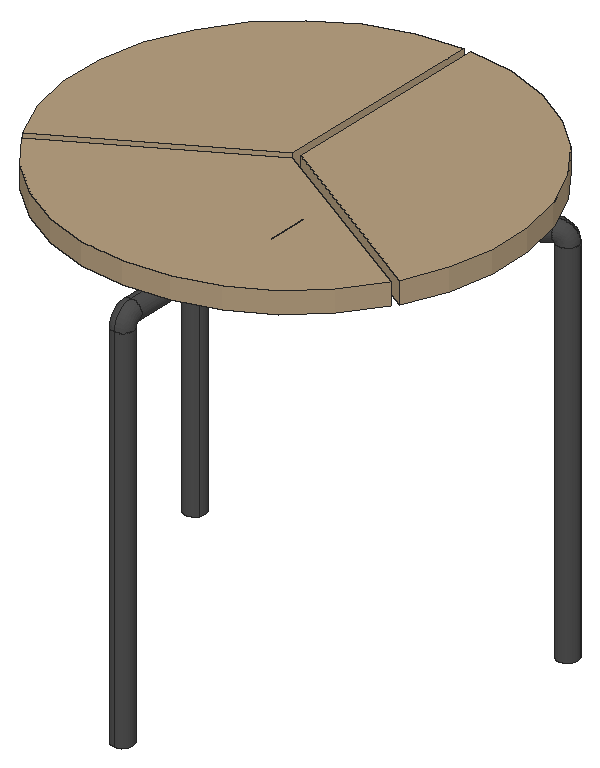
Revit family "Circular_Side_Table_BIM", category Arredi, Revit 2023
Family settings
  Numero OmniClass = 23.40.20.00
  Titolo OmniClass = General Furniture and Specialties
  Basato su piano di lavoro = No
  Attiva taglio nelle viste = No
  Sempre verticale = Sì
  Taglio con vuoti quando caricato = No
  Origine composizione di rendering = Geometria famiglia
  Condiviso = No
  Punto di calcolo locali = No
Parameters (values of type "CB-3717")
  URL = "https://bassamfellows.com/"
  TECHNICAL SHEET = "https://bassamfellows.com/collections/circular-side-table"
  STRUCTURE MATERIAL = BASSAM_FELLOWS_MATT_BLACK_BP
  PRODUCT SHEET = "https://www.archiproducts.com/en/products/bassamfellows/round-stainless-steel-and-wood-side-table-circular-side-table_447740"
  PRODUCT CODE = "CB-3717"
  Modello = "Circular Side Table"
  Produttore = "BassamFellows"
  MATERIAL DESCRIPTION = "Solid wood top, tubular stainless steel base."  # constant formula
  HEIGHT = 400 mm
  Descrizione = "Round stainless steel and wood side table"
  Prospetto di default = 0 mm
  DIAMETER = 400 mm
  COLLECTION = "CIRCULAR"  # constant formula
  BIM USER MANUAL = "https://bimcad.edilportale.com/BASSAMFELLOWS-BIM-USER-MANUAL-BassamFellows-bim.pdf"
  BIM BADGE = "https://bim.archiproducts.com/it/badge/bim-archiproducts-featured_658700/about"
  BIM AUTHOR = "https://bim.archiproducts.com/"
  BASE MATERIAL = BASSAM_FELLOWS_OAK_O-NA
  AVAILABLE FINISHES = "Ebonized black lacquer on Ash (EB) or bleached, white pigment, matte acrylic on Ash (BL). Raw effect lacquer on Oak (RE). Hand rubbed natural oil on Oak or Walnut (NA), or hand rubbed black oil on Walnut (BO)."  # constant formula
  ACCESSORIES = ""
Reference planes
  plane 1 "Center (Front/Back)": y = 0
  plane 2: z = 0
  plane 3 "Center (Left/Right)": x = 0
  plane 4: z = 0
Forms (mm)
  Extrusion 1, solid, material "BASSAM_FELLOWS_OAK_O-NA" <- "BASE MATERIAL", detail levels fine
    sketch origin (0, 0, 0) x (1, 0, 0) y (0, 1, 0)
      loop
        arc (-3.5, 199.969) -> (-173.205, 100) -> (-174.929, -96.954) r 200
        line (-174.929, -96.954) -> (-3.5, 2.021) -> (-3.5, 199.969)
      loop
        line (3.5, 199.969) -> (3.5, 2.021) -> (174.929, -96.954)
        arc (174.929, -96.954) -> (173.205, 100) -> (3.5, 199.969) r 200
      loop
        line (0, -4.041) -> (-171.429, -103.016)
        arc (-171.429, -103.016) -> (0, -200) -> (171.429, -103.016) r 200
        line (171.429, -103.016) -> (0, -4.041)
    from 380 to 400
  Sweep 2, solid, material "BASSAM_FELLOWS_MATT_BLACK_BP" <- "STRUCTURE MATERIAL", detail levels fine
    path origin (0, 0, 0) x (0, 1, 0) y (0, 0, 1)
      loop
        line (0, 355) -> (-190, 355)
        arc (-190, 355) -> (-197.071, 352.071) -> (-200, 345) r 10
        line (-200, 345) -> (-200, 0)
    profile origin (0, -95, 355) x (0, 0, -1) y (1, 0, 0)
      loop
        circle (0, 0) r 9.5
  Sweep 3, solid, material "BASSAM_FELLOWS_MATT_BLACK_BP" <- "STRUCTURE MATERIAL", detail levels fine
    path origin (0, 0, 0) x (-0.866025, -0.5, 0) y (0, 0, 1)
      loop
        line (0, 355) -> (-190, 355)
        arc (-190, 355) -> (-197.071, 352.071) -> (-200, 345) r 10
        line (-200, 345) -> (-200, 0)
    profile origin (82.272, 47.5, 355) x (0, 0, -1) y (-0.5, 0.866025, 0)
      loop
        circle (0, 0) r 9.5
  Sweep 4, solid, material "BASSAM_FELLOWS_MATT_BLACK_BP" <- "STRUCTURE MATERIAL", detail levels fine
    path origin (0, 0, 0) x (0.866025, -0.5, 0) y (0, 0, -1)
      loop
        line (0, -355) -> (-190, -355)
        arc (-190, -355) -> (-197.071, -352.071) -> (-200, -345) r 10
        line (-200, -345) -> (-200, 0)
    profile origin (-82.272, 47.5, 355) x (0, 0, 1) y (0.5, 0.866025, 0)
      loop
        circle (0, 0) r 9.5
  Extrusion 5, solid, material "BASSAM_FELLOWS_MATT_BLACK_BP" <- "STRUCTURE MATERIAL", detail levels fine
    sketch origin (0, 0, 0) x (1, 0, 0) y (0, 1, 0)
      loop
        circle (-31.139, 17.978) r 8
      loop
        circle (31.139, 17.978) r 8
      loop
        circle (0, -35.956) r 8
      loop
        circle (-126.553, 73.066) r 8
      loop
        circle (126.553, 73.066) r 8
      loop
        circle (0, -146.131) r 8
    from 357.628 to 380
  Extrusion 6, solid, detail levels medium
    sketch origin (0, 0, 0) x (1, 0, 0) y (0, 1, 0)
      loop
        circle (0, 0) r 200
    from 0 to 400
Lines and regions (mm)
  symbolic lines, detail levels coarse
    curve 1: arc (-3.5, 199.969, 0) -> (-173.205, 100, 0) -> (-174.929, -96.954, 0) r 200
    curve 2: line (-3.5, 2.021, 0) -> (-3.5, 199.969, 0)
    curve 3: line (-174.929, -96.954, 0) -> (-3.5, 2.021, 0)
    curve 4: line (0, -4.041, 0) -> (-171.429, -103.016, 0)
    curve 5: arc (-171.429, -103.016, 0) -> (0, -200, 0) -> (171.429, -103.016, 0) r 200
    curve 6: line (171.429, -103.016, 0) -> (0, -4.041, 0)
    curve 7: line (3.5, 2.021, 0) -> (174.929, -96.954, 0)
    curve 8: arc (174.929, -96.954, 0) -> (173.205, 100, 0) -> (3.5, 199.969, 0) r 200
    curve 9: line (3.5, 199.969, 0) -> (3.5, 2.021, 0)
    curve 10: line (-200, 0, 400) -> (200, 0, 400)
    curve 11: line (-200, 0, 380) -> (-200, 0, 400)
    curve 12: line (200, 0, 380) -> (-200, 0, 380)
    curve 13: line (200, 0, 400) -> (200, 0, 380)
    curve 14: line (-9.507, 0, 345.429) -> (-161.705, 0, 345.429)
    curve 15: line (-7.994, 0, 364.531) -> (-172.705, 0, 364.531)
    curve 16: line (-182.705, 0, 0) -> (-163.705, 0, 0)
    curve 17: line (-163.705, 0, 0) -> (-163.705, 0, 343.429)
    curve 18: line (-182.705, 0, 0) -> (-182.705, 0, 354.531)
    curve 19: line (-9.507, 0, 345.429) -> (-9.507, 0, 0)
    curve 20: line (-9.507, 0, 0) -> (9.507, 0, 0)
    curve 21: line (-118.553, 0, 380) -> (-118.553, 0, 364.531)
    curve 22: line (-134.553, 0, 380) -> (-134.553, 0, 364.531)
    curve 23: line (-39.139, 0, 380) -> (-39.139, 0, 364.531)
    curve 24: line (-23.139, 0, 380) -> (-23.139, 0, 364.531)
    curve 25: line (-7.994, 0, 380) -> (-7.994, 0, 364.531)
    curve 26: arc (-172.705, 0, 364.531) -> (-179.776, 0, 361.602) -> (-182.705, 0, 354.531) r 10
    curve 27: arc (-161.705, 0, 345.429) -> (-163.119, 0, 344.843) -> (-163.705, 0, 343.429) r 2
    curve 28: line (9.507, 0, 345.429) -> (161.705, 0, 345.429)
    curve 29: line (7.994, 0, 364.531) -> (172.705, 0, 364.531)
    curve 30: line (182.705, 0, 0) -> (163.705, 0, 0)
    curve 31: line (163.705, 0, 0) -> (163.705, 0, 343.429)
    curve 32: line (182.705, 0, 0) -> (182.705, 0, 354.531)
    curve 33: line (9.507, 0, 345.429) -> (9.507, 0, 0)
    curve 34: line (118.553, 0, 380) -> (118.553, 0, 364.531)
    curve 35: line (134.553, 0, 380) -> (134.553, 0, 364.531)
    curve 36: line (39.139, 0, 380) -> (39.139, 0, 364.531)
    curve 37: line (23.139, 0, 380) -> (23.139, 0, 364.531)
    curve 38: line (7.994, 0, 380) -> (7.994, 0, 364.531)
    curve 39: arc (172.705, 0, 364.531) -> (179.776, 0, 361.602) -> (182.705, 0, 354.531) r 10
    curve 40: arc (161.705, 0, 345.429) -> (163.119, 0, 344.843) -> (163.705, 0, 343.429) r 2
    curve 41: line (0, 199.969, 380) -> (0, -200, 380)
    curve 42: line (0, 199.969, 400) -> (0, 199.969, 380)
    curve 43: line (0, -200, 400) -> (0, 199.969, 400)
    curve 44: line (0, -200, 380) -> (0, -200, 400)
    curve 45: line (0, 81.119, 364.428) -> (0, 81.119, 380)
    curve 46: line (0, 65.077, 364.428) -> (0, 65.077, 380)
    curve 47: line (0, 25.927, 364.428) -> (0, 25.927, 380)
    curve 48: line (0, 10, 364.428) -> (0, 10, 380)
    curve 49: line (0, -27.956, 364.428) -> (0, -27.956, 380)
    curve 50: line (0, -43.952, 364.428) -> (0, -43.952, 380)
    curve 51: line (0, -138.16, 364.428) -> (0, -138.16, 380)
    curve 52: line (0, -154.122, 364.428) -> (0, -154.122, 380)
    curve 53: line (0, 92.863, 364.428) -> (0, -199.5, 364.428)
    curve 54: line (0, -190.5, 345.301) -> (0, 90.5, 345.301)
    curve 55: line (0, 90.5, 0) -> (0, 109.5, 0)
    curve 56: line (0, -190.5, 0) -> (0, -209.5, 0)
    curve 57: line (0, -209.5, 0) -> (0, -209.5, 354.428)
    curve 58: line (0, -190.5, 0) -> (0, -190.5, 345.301)
    curve 59: line (0, 90.5, 0) -> (0, 90.5, 345.301)
    curve 60: line (0, 109.5, 0) -> (0, 109.5, 347.791)
    curve 61: arc (0, 109.5, 347.791) -> (0, 104.627, 359.555) -> (0, 92.863, 364.428) r 16.637
    curve 62: arc (0, -199.5, 364.428) -> (0, -206.571, 361.499) -> (0, -209.5, 354.428) r 10
Dimensions and locks
  aligned and locked: level to plane 2
